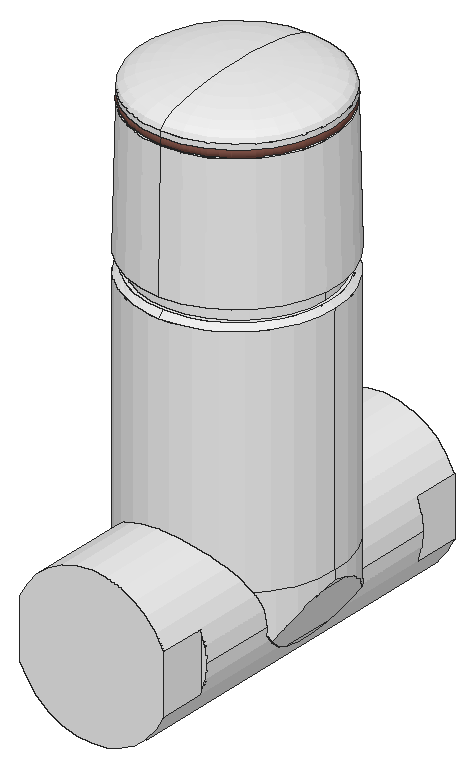
Revit family "PRD_FrankeWS_ShwrMxrs_SelfClosingShowerValve_F3SV2004", category Plumbing Fixtures, host Face, Revit 2018
Family settings
  Host = Face
  Round Connector Dimension = Use Diameter
  Part Type = Normal
  OmniClass Number = 23.45.05.14.99
  OmniClass Title = Other Sanitary Washing Plumbing Fixtures
  Cut with Voids When Loaded = No
  Shared = No
  Room Calculation Point = No
Parameters (values of type "F3SV2004 - 0.20 L/s")
  WorkingPressure = "n/a"
  WarrantyStartDate [instance] = "1900-12-31T23:59:59"
  WarrantyGuarantorParts = "n/a"
  WarrantyGuarantorLabor = "n/a"
  WarrantyDurationUnit = "year"
  WarrantyDurationParts = "n/a"
  WarrantyDurationLabor = "n/a"
  WarrantyDescription = "n/a"
  ValvePattern = "STRAIGHT_2_PORT"
  ValveOperation = "Other"
  ValveMechanism = "Other"
  TestPressure = 0.0 Pa
  OperatingMechanismMaterial = "n/a"
  OffsetFromWall [instance] = 50 mm
  VolumeFlowRate = "0.20 L/s at 3 bar"
  Version = "1"
  Uniclass2015Version = "Products v1.10"
  Uniclass2015Title = "Shower manual water supply sets"
  Uniclass2015Code = "Pr_40_20_87_78"
  URL = "www.kwc.com"
  TypeOfShower = "wall fitting"
  TypeOfOperation = "manual operation"
  TypeOfMounting = "pipe mounting"
  TypeOfMixing = "no mixing"
  ThermalDisinfection = "no"
  TapMaterial = PRD_AR_ChromatedBrass_HighPolished
  TagNumber [instance] = "n/a"
  SustainabilityPerformance = "n/a"
  SoundInsulation = "no"
  Size = "n/a"
  ShowerPipeDraining = "no"
  Shape = "n/a"
  SerialNumber [instance] = "n/a"
  RingMaterial = PRD_AR_SyntheticDarkRed
  Revision = "n/a"
  ReplacementCost = "n/a"
  ProtectiveShutdown = "no"
  ProductInformation = "https://pim.kwc.com/product/2030037525/attachment/datasheet?locale=en"
  PositionOfWaterConnection = "from bottom"
  NominalWidth = 0 mm
  NominalLength = 0 mm
  NominalHeight = 0 mm
  NetWeight = 0.54 kg
  Name = "F3 self-closing shower valve F3SV2004"
  NBSTypeID = "n/a"
  NBSReference = "45-35-70/335"
  NBSOfficeMasterTag = "n/a"
  NBSNote = "n/a"
  NBSDescription = "Shower manual water supply sets"
  NBSCertification = "n/a"
  ModelReference = "F3SV2004"
  ModelNumber = "2030037525"
  Model = ModelReference  # "F3SV2004"
  MinimumFlowTime = "5.00 seconds"
  MinimumFlowPressure = "1.00 bar"
  MaximumFlowTime = "35.00 seconds"
  MaterialsBody = "Brass"
  Material = "Brass"
  ManufacturerURL = "www.kwc.com"
  ManufacturerName = "KWC Group AG"  # constant formula
  Manufacturer = ManufacturerName  # "KWC Group AG"
  InstallationDate [instance] = "1900-12-31T23:59:59"
  InletSize = "G-1-2"
  IfcExportType = "COMMON"
  IfcExportAs = "IfcValveType"
  HygieneFlushing = "no"
  GrossWeight = 0.57 kg
  Grade = "n/a"
  FunctionalPrinciple = "hydraulic self-closing"
  FlowColdWater = 0.15 L/s
  FlowCoefficient = "0"
  Finish = "high-polished chromium-plated brass"
  Features = "For connection to pre-mixed hot water or cold water, high-polished chromium-plated brass."
  ExpectedLife = "n/a"
  DurationUnit = "year"
  Description = "F3S self-closing straight-way valve DN 15 for surface mounting for shower facilities. Self-closing functional part, hydraulically controlled, piston-free design, self-closing, stepless adjustment of flow duration. For connection to pre-mixed hot water or cold water. Casing including changeable valve seat, with internal thread G 1/2, high-polished chromium-plated brass."
  DiameterNominal = 15.000 mm
  Default Elevation = 850 mm
  CreateOn = "04/2019"  # constant formula
  Constituents = "n/a"
  ConnectionWithPayWaterDispenser = "not possible"
  Color = "Chrome"
  CodePerformance = "n/a"
  CloseOffRating = 0.0 Pa
  Circulation = "no"
  Category = "Pr_40_20_87_78, Shower manual water supply sets"
  BarCode [instance] = "n/a"
  BIMObjectName = "PRD_AR_ShwrMxrs_SelfClosingShowerValve_F3SV2004"
  Author = "Archispace"  # constant formula
  AssetType = "Fixed"
  AssetIdentifier [instance] = "n/a"
  AdjustableFlowTime = "yes"
  AdditionalConnections = "no"
  AccessibilityPerformance = "n/a"
Reference planes
  plane 1 "Center (Front/Back)": y = 0
  plane 2: z = 0
  plane 3 "Center (Left/Right)": x = 0
  plane 4: z = 50
Forms (mm)
  Extrusion 1, solid, material "PRD_AR_ChromatedBrass_HighPolished" <- "TapMaterial", detail levels fine
    sketch origin (0, 0, 0) x (1, 0, 0) y (0, 1, 0)
      loop
        circle (0, 0) r 18.3
    from 56 to 100.8
  Extrusion 2, solid, material "PRD_AR_ChromatedBrass_HighPolished" <- "TapMaterial", detail levels fine
    sketch origin (0, 0, 0) x (1, 0, 0) y (0, 1, 0)
      loop
        circle (0, 0) r 16.6
    from 100.8 to 103.5
  Revolve 3, solid, material "PRD_AR_ChromatedBrass_HighPolished" <- "TapMaterial", detail levels fine
    sketch origin (0, 0, 0) x (0, 1, 0) y (0, 0, 1)
      loop
        line (0, 103.5) -> (18.3, 103.5) -> (17.845, 128.5) -> (0, 128.5) -> (0, 103.5)
      loop
        line (17.818, 130) -> (17.818, 131)
        spline (17.818, 131) -> (17.666, 131.522) -> (17.211, 132.035) -> (16.462, 132.531) -> (15.431, 133) -> (14.136, 133.435) -> (12.599, 133.828) -> (10.847, 134.173) -> (8.909, 134.464) -> (6.819, 134.696) -> (4.612, 134.864) -> (2.326, 134.966) -> (0, 135)
        line (0, 135) -> (0, 130) -> (17.818, 130)
      axis (0, 103.5) -> (0, 135)
    angle from 0 to 360
  Revolve 4, solid, material "PRD_AR_SyntheticDarkRed" <- "RingMaterial", detail levels fine
    sketch origin (0, 0, 22.8) x (0, 1, 0) y (0, 0, 1)
      loop
        arc (17.347, 105.7) -> (17.868, 106.45) -> (17.347, 107.2) r 0.8
        line (17.347, 107.2) -> (0, 107.2) -> (0, 105.7) -> (17.347, 105.7)
      axis (0, 107.2) -> (0, 105.7)
    angle from 0 to 360
  Sweep 5, void
    path origin (0, 104.123, 50) x (0, 1, 0) y (-1, 0, 0)
      loop
        circle (-104.123, 0) r 18.3
    profile origin (-18.3, 0, 50) x (1, 0, 0) y (0, 0, 1)
      loop
        line (0, 50.8) -> (0, 49.8) -> (1, 50.8) -> (0, 50.8)
  Extrusion 6, solid, material "PRD_AR_ChromatedBrass_HighPolished" <- "TapMaterial", detail levels fine
    sketch origin (0, 0, 0) x (1, 0, 0) y (0, 0, 1)
      loop
        circle (0, 50) r 14.5
    from -34 to 34
  Extrusion 7, solid, material "PRD_AR_ChromatedBrass_HighPolished" <- "TapMaterial", detail levels fine
    sketch origin (0, 0, 0) x (1, 0, 0) y (0, 0, 1)
      loop
        arc (-12.925, 43.429) -> (-12.246, 42.236) -> (-11.457, 41.113) r 14.5
        line (-11.457, 41.113) -> (11.457, 41.113)
        arc (11.457, 41.113) -> (12.246, 42.236) -> (12.925, 43.429) r 14.5
        line (12.925, 43.429) -> (18.083, 53.573)
        arc (18.083, 53.573) -> (18.245, 54.013) -> (18.3, 54.479) r 2
        line (18.3, 54.479) -> (18.3, 56) -> (-18.3, 56) -> (-18.3, 54.479)
        arc (-18.3, 54.479) -> (-18.245, 54.013) -> (-18.083, 53.573) r 2
        line (-18.083, 53.573) -> (-12.925, 43.429)
    from -25.1 to 25.1
  Extrusion 8, void
    sketch origin (0, 0, 0) x (1, 0, 0) y (0, 1, 0)
      loop
        circle (0, 0) r 18.3
      loop
        line (-20.572, 26.7) -> (-20.572, -28.3) -> (21.614, -28.3) -> (21.614, 26.7) -> (-20.572, 26.7)
    from 35.5 to 135
  Extrusion 9, void
    sketch origin (0, 0, 0) x (0, 1, 0) y (0, 0, 1)
      loop
        arc (13.174, 52.917) -> (0, 42.601) -> (-13.174, 52.917) r 13.569
        line (-13.174, 52.917) -> (-18.079, 52.917) -> (-18.079, 39.479) -> (19.279, 39.479) -> (19.279, 52.917) -> (13.174, 52.917)
    from -22.395 to 25.545
  Extrusion 10, solid, material "PRD_AR_ChromatedBrass_HighPolished" <- "TapMaterial", detail levels medium
    sketch origin (0, 0, 0) x (1, 0, 0) y (0, 0, 1)
      loop
        circle (0, 50) r 14.5
    from -34 to 34
  Extrusion 11, solid, material "PRD_AR_ChromatedBrass_HighPolished" <- "TapMaterial", detail levels medium
    sketch origin (0, 104.123, 50) x (0, 1, 0) y (-1, 0, 0)
      loop
        circle (-104.123, 0) r 18.3
    from 0 to 85
  Extrusion 12, solid, material "PRD_AR_ChromatedBrass_HighPolished" <- "TapMaterial", detail levels coarse
    sketch origin (0, 104.123, 50) x (0, 1, 0) y (-1, 0, 0)
      loop
        line (-70.123, 18.3) -> (-138.123, 18.3) -> (-138.123, -18.3) -> (-70.123, -18.3) -> (-70.123, 18.3)
    from -14.5 to 85
  Extrusion 13, void
    sketch origin (0, 0, 0) x (1, 0, 0) y (0, 0, -1)
      loop
        line (-13.428, -61.891) -> (-13.428, -39.718) -> (-17.58, -39.718) -> (-17.58, -61.891) -> (-13.428, -61.891)
      loop
        line (13.428, -61.891) -> (17.58, -61.891) -> (17.58, -39.718) -> (13.428, -39.718) -> (13.428, -61.891)
    from 25.265 to 34
  Extrusion 14, void
    sketch origin (0, 0, 0) x (1, 0, 0) y (0, 0, 1)
      loop
        line (-13.428, 61.891) -> (-17.58, 61.891) -> (-17.58, 39.718) -> (-13.428, 39.718) -> (-13.428, 61.891)
      loop
        line (13.428, 61.891) -> (13.428, 39.718) -> (17.58, 39.718) -> (17.58, 61.891) -> (13.428, 61.891)
    from 25.265 to 34
Cuts and joins
  Sweep 5, Extrusion 14 cuts Extrusion 1
  Extrusion 13, Extrusion 14 cuts Extrusion 6
  Extrusion 8, Extrusion 9, Extrusion 14 cuts Extrusion 7
  joined: Extrusion 1, Extrusion 6, Extrusion 7
  Extrusion 14 cuts Extrusion 11
  joined: Extrusion 10, Extrusion 11
Dimensions and locks
  "OffsetFromWall": plane 4 to level
  locked: cut or joined group of Extrusion 1, Sweep 5, Extrusion 6, Extrusion 7, Extrusion 8, Extrusion 9, Extrusion 13, Extrusion 14 to plane 4 at 50.8
  locked: Revolve 3 sketch curve to plane 4 at 53.5
  locked: Revolve 3 sketch curve to plane 4 at 78.5
  locked: Revolve 3 sketch curve to plane 4 at 80
  locked: Revolve 3 sketch curve to plane 4 at 81
  locked: cut or joined group of Extrusion 1, Sweep 5, Extrusion 6, Extrusion 7, Extrusion 8, Extrusion 9, Extrusion 13, Extrusion 14 to plane 4 at 6
  locked: plane 4 to Extrusion 12 at 14.5
  locked: Extrusion 12 to plane 4 at 85
  aligned and locked: plane 2 to host face
  aligned and locked: level to host face
  aligned and locked: Revolve 3 to Extrusion 2
  aligned and locked: Extrusion 2 to cut or joined group of Extrusion 1, Sweep 5, Extrusion 6, Extrusion 7, Extrusion 8, Extrusion 9, Extrusion 13, Extrusion 14
  aligned and locked: Extrusion 8 to cut or joined group of Extrusion 10, Extrusion 11, Extrusion 14
  aligned and locked: Extrusion 12 to Extrusion 8
  aligned and locked: Extrusion 12 to Extrusion 11
Automatic sketch dimensions
  host sketch curve to host sketch curve = 2438.4 mm  (x2)
  plane 1 "Center (Front/Back)" to Extrusion 1 sketch curve = 0 mm
  Extrusion 1 sketch curve to plane 3 "Center (Left/Right)" = 0 mm
  plane 1 "Center (Front/Back)" to Extrusion 2 sketch curve = 0 mm
  Extrusion 2 sketch curve to plane 3 "Center (Left/Right)" = 0 mm
  Revolve 3 sketch curve to plane 1 "Center (Front/Back)" = 0 mm  (x3)
  Revolve 3 sketch curve to Revolve 3 sketch curve = 17.818 mm
  Revolve 3 sketch curve to Revolve 3 sketch curve = 0.027 mm
  Revolve 3 sketch curve to Revolve 3 sketch curve = 18.3 mm
  Revolve 3 sketch curve to Revolve 3 sketch curve = 4 mm
  Revolve 3 sketch curve to Revolve 3 sketch curve = 0.228 mm
  Revolve 3 sketch curve to Revolve 3 sketch curve = 5 mm
  Revolve 4 sketch curve to plane 1 "Center (Front/Back)" = 0 mm  (x2)
  Revolve 4 sketch curve to plane 1 "Center (Front/Back)" = 17.068 mm
  Revolve 4 sketch curve to Revolve 4 sketch curve = 0.278 mm  (x2)
  plane 4 to Revolve 4 sketch curve = 78.5 mm
  Revolve 4 sketch curve to Revolve 4 sketch curve = 0.75 mm
  Revolve 4 sketch curve to Revolve 4 sketch curve = 0.445 mm
  Revolve 4 sketch curve to Revolve 4 sketch curve = 2 mm
  plane 1 "Center (Front/Back)" to Sweep 5 sketch curve = 0 mm
  Sweep 5 sketch curve to plane 3 "Center (Left/Right)" = 0 mm
  profile plane to Sweep 5 sketch curve = 0 mm
  Sweep 5 sketch curve to profile plane = 1 mm
  profile plane to Sweep 5 sketch curve = 49.8 mm
  Sweep 5 sketch curve to Sweep 5 sketch curve = 1 mm
  Extrusion 6 sketch curve to plane 3 "Center (Left/Right)" = 0 mm
  Extrusion 6 sketch curve to plane 4 = 0 mm
  Extrusion 7 sketch curve to Extrusion 7 sketch curve = 0 mm  (x2)
  Extrusion 7 sketch curve to plane 3 "Center (Left/Right)" = 0 mm
  Extrusion 7 sketch curve to plane 4 = 0 mm
  Extrusion 7 sketch curve to plane 3 "Center (Left/Right)" = 11.457 mm
  Extrusion 7 sketch curve to plane 4 = 6.571 mm  (x2)
  Extrusion 7 sketch curve to Extrusion 7 sketch curve = 1.468 mm
  plane 4 to Extrusion 7 sketch curve = 4.479 mm  (x2)
  Extrusion 7 sketch curve to Extrusion 7 sketch curve = 3.375 mm  (x2)
  plane 4 to Extrusion 7 sketch curve = 3.573 mm  (x2)
  Extrusion 7 sketch curve to Extrusion 7 sketch curve = 1.783 mm  (x2)
  plane 3 "Center (Left/Right)" to Extrusion 7 sketch curve = 11.457 mm
  Extrusion 7 sketch curve to Extrusion 7 sketch curve = 1.521 mm
  plane 1 "Center (Front/Back)" to Extrusion 8 sketch curve = 0 mm
  Extrusion 8 sketch curve to plane 3 "Center (Left/Right)" = 0 mm
  Extrusion 8 sketch curve to plane 3 "Center (Left/Right)" = 20.572 mm
  plane 3 "Center (Left/Right)" to Extrusion 8 sketch curve = 21.614 mm
  plane 1 "Center (Front/Back)" to Extrusion 8 sketch curve = 28.3 mm
  Extrusion 8 sketch curve to plane 1 "Center (Front/Back)" = 26.7 mm
  Extrusion 9 sketch curve to plane 1 "Center (Front/Back)" = 0 mm
  plane 4 to Extrusion 9 sketch curve = 2.917 mm  (x2)
  plane 1 "Center (Front/Back)" to Extrusion 9 sketch curve = 13.174 mm
  Extrusion 9 sketch curve to Extrusion 9 sketch curve = 4.906 mm
  Extrusion 9 sketch curve to Extrusion 9 sketch curve = 6.106 mm
  Extrusion 9 sketch curve to plane 4 = 10.521 mm
  plane 4 to Extrusion 9 sketch curve = 6.17 mm
  Extrusion 10 sketch curve to plane 3 "Center (Left/Right)" = 0 mm
  Extrusion 10 sketch curve to plane 4 = 0 mm
  plane 1 "Center (Front/Back)" to Extrusion 11 sketch curve = 0 mm
  Extrusion 11 sketch curve to plane 3 "Center (Left/Right)" = 0 mm
  plane 1 "Center (Front/Back)" to Extrusion 12 sketch curve = 34 mm
  Extrusion 12 sketch curve to plane 1 "Center (Front/Back)" = 34 mm
  plane 3 "Center (Left/Right)" to Extrusion 12 sketch curve = 18.3 mm
  Extrusion 12 sketch curve to plane 3 "Center (Left/Right)" = 18.3 mm
  Extrusion 13 sketch curve to plane 3 "Center (Left/Right)" = 17.58 mm
  Extrusion 13 sketch curve to Extrusion 13 sketch curve = 4.152 mm  (x2)
  plane 3 "Center (Left/Right)" to Extrusion 13 sketch curve = 13.428 mm
  plane 4 to Extrusion 13 sketch curve = 11.891 mm  (x2)
  Extrusion 13 sketch curve to plane 4 = 10.282 mm  (x2)
  Extrusion 14 sketch curve to plane 3 "Center (Left/Right)" = 17.58 mm
  Extrusion 14 sketch curve to Extrusion 14 sketch curve = 4.152 mm  (x2)
  plane 3 "Center (Left/Right)" to Extrusion 14 sketch curve = 13.428 mm
  Extrusion 14 sketch curve to plane 4 = 10.282 mm  (x2)
  plane 4 to Extrusion 14 sketch curve = 11.891 mm  (x2)
  radius of Extrusion 1 sketch curve = 18.3 mm
  radius of Extrusion 2 sketch curve = 16.6 mm
  radius of Sweep 5 sketch curve = 18.3 mm
  radius of Extrusion 6 sketch curve = 14.5 mm
  radius of Extrusion 8 sketch curve = 18.3 mm
  radius of Extrusion 10 sketch curve = 14.5 mm
  radius of Extrusion 11 sketch curve = 18.3 mm
Connectors
  piping at (0, -34, 50), diameter 15, driven by "FlowColdWater", driven by "DiameterNominal", driven by "InletSize"
    settings: on cut or joined group of Extrusion 1, Sweep 5, Extrusion 6, Extrusion 7, Extrusion 8, Extrusion 9, Extrusion 13, Extrusion 14, index 1, connector inside diameter 609.600 mm, connector length 0 mm, flow factor 0, pipe flow 0.15 L/s, pressure drop 0.0 Pa, fitting loss kfactor 0, connector angle 0.00°, fixture units 0, engagement length 0 mm, angle of deflection 0.00°, flow configuration 2, flow direction 1, fitting loss method 0, system type 20, joint type 0, gender type 0, connector reference index -1, connector utility 0, adjustable connector no, is connector primary yes, connector description "G-1-2"
